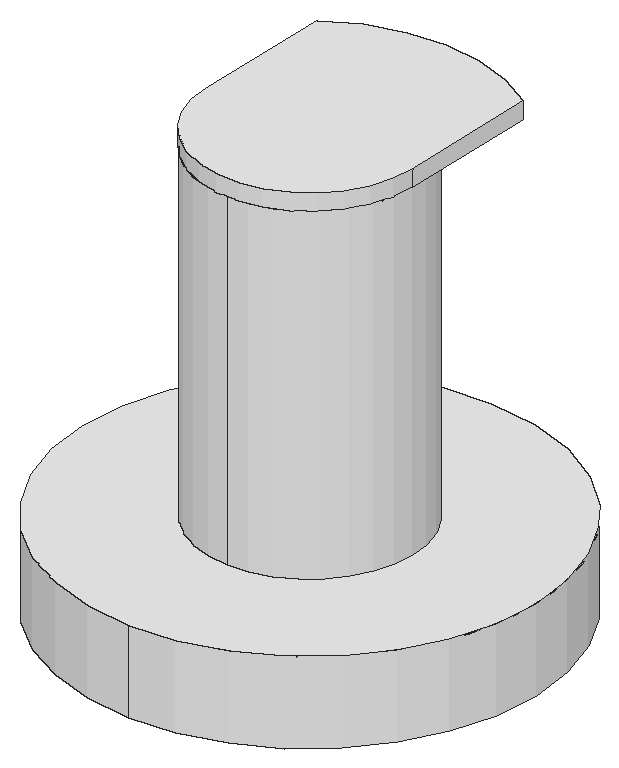
Revit family "KEUCO_14914010000_", category Generic Models, Revit 2016
Family settings
  Part Type = Normal
  Can host rebar = No
  Round Connector Dimension = Use Diameter
  Work Plane-Based = Yes
  Always vertical = No
  Cut with Voids When Loaded = No
  Shared = No
  Room Calculation Point = No
Parameters (values of type "14914010000")
  Verwendung = "BI / DU / GWC / WA / WP"  # constant formula
  URL = "https://www.keuco.com/de/produkte/sortiment/artikel/?pid=14914&oid=2&pgo=5&country=de&lang=de&vid=14914010000"
  Stange Breite = 50 mm
  Preisgruppe = ""
  Materialien bei Hersteller anfragen = "Anfrage zu:  objektmanagement@keuco.de"
  Kategorie = ""
  Gewicht = 0
  Description = "--"
  Default Elevation = 1219.2 mm
  Serie = "Plan"  # constant formula
  Material = Verchromt
  Manufacturer = "KEUCO"  # constant formula
  Assembly Code = ""
  Ausschreibungstext = "KEUCO PLAN Handtuchhaken 14914010000\r\nHochglanzverchromter Handtuchhaken \r\nin ästhetischem, funktionalem Design\r\nmit runder Rosettenkappe, Durchmesser 55 mm\r\nleicht zu reinigen\r\nAusladung 51 mm\r\nDer Handtuchhaken wird verdeckt angebracht\r\nLieferung inkl. korrosionsfreiem Befestigungsmaterial"
  Artikelnummer = "14914010000"
Types (4, lengths in mm): name | URL | Materialien bei Hersteller anfragen | Material | Ausschreibungstext | Artikelnummer
  (no name) | "https://www.keuco.com" | "Request to:  objektmanagement@keuco.de" | Verchromt | "" | "14914010000"
  14914010000 | "https://www.keuco.com/de/produkte/sortiment/artikel/?pid=14914&oid=2&pgo=5&country=de&lang=de&vid=14914010000" | "Anfrage zu:  objektmanagement@keuco.de" | Verchromt | "KEUCO PLAN Handtuchhaken 14914010000\r\nHochglanzverchromter Handtuchhaken \r\nin ästhetischem, funktionalem Design\r\nmit runder Rosettenkappe, Durchmesser 55 mm\r\nleicht zu reinigen\r\nAusladung 51 mm\r\nDer Handtuchhaken wird verdeckt angebracht\r\nLieferung inkl. korrosionsfreiem Befestigungsmaterial" | "14914010000"
  14914070000 | "https://www.keuco.com/de/produkte/sortiment/artikel/?pid=14914&oid=2&pgo=5&country=de&lang=de&vid=14914070000" | "Request to:  objektmanagement@keuco.de" | Edelstahl | "KEUCO PLAN Handtuchhaken 14914070000\r\nHandtuchhalter aus hochwertigem Edelstahl \r\nin ästhetischem, funktionalem Design \r\nmit runder Rosettenkappe, Durchmesser 55 mm\r\nleicht zu reinigen\r\nAusladung 51 mm\r\nDer Handtuchhaken wird verdeckt angebracht\r\nLieferung inkl. korrosionsfreiem Befestigungsmaterial" | "14914070000"
  14914170000 | "https://www.keuco.com/de/produkte/sortiment/artikel/?pid=14914&oid=2&pgo=5&country=de&lang=de&vid=14914170000" | "Request to:  objektmanagement@keuco.de" | Aluminium silber-eloxiert (E6 EV1) | "KEUCO PLAN Handtuchhaken 14914170000\r\nHandtuchhaken aus \r\nsilber-eloxiertem Aluminium (E6 EV1)/verchromt \r\nin ästhetischem, funktionalem Design \r\nmit runder Rosettenkappe, Durchmesser 55 mm\r\nhochglanzverchromtes Abschlussstück\r\nleicht zu reinigen\r\nAusladung 51 mm\r\nDer Handtuchhaken wird verdeckt angebracht\r\nLieferung inkl. korrosionsfreiem Befestigungsmaterial" | "14914170000"
Reference planes
  plane 1 "Center (Front/Back)": y = 0
  plane 2: z = 0
  plane 3 "Center (Left/Right)": x = 0
  plane 4: y = -700
  plane 5: z = 50
  plane 6: z = 52
Forms (mm)
  Extrusion 1, solid, material "Verchromt" <- "Material"
    sketch origin (0, 16.5, 20) x (0, 1, 0) y (-1, 0, 0)
      loop
        arc (-16.5, 12.5) -> (-29, 0) -> (-16.5, -12.5) r 12.5
        line (-16.5, -12.5) -> (0.175, -12.5)
        arc (0.175, -12.5) -> (4.091, 0) -> (0.175, 12.5) r 21.906
        line (0.175, 12.5) -> (-16.5, 12.5)
    from 30 to 32
  Extrusion 2, solid, material "Verchromt" <- "Material"
    sketch origin (0, 16.5, 20) x (0, 1, 0) y (-1, 0, 0)
      loop
        circle (-16.5, 0) r 12.5
    from -10 to 30
  Extrusion 3, solid, material "Verchromt" <- "Material"
    sketch origin (0, 16.5, 20) x (0, 1, 0) y (-1, 0, 0)
      loop
        circle (-16.5, 0) r 27.5
    from -20 to -10
Dimensions and locks
  "Stange Breite": plane 5 to plane 2
  plane 6 to plane 5 = 2 mm
  aligned and locked: level to plane 2
  aligned and locked: plane 6 to Extrusion 1
  aligned and locked: Extrusion 3 to plane 2
  aligned and locked: Extrusion 2 to Extrusion 3
  aligned and locked: plane 5 to Extrusion 2
  aligned and locked: Extrusion 1 to plane 5
Automatic sketch dimensions
  Extrusion 1 sketch curve to plane 3 "Center (Left/Right)" = 0 mm  (x2)
  plane 1 "Center (Front/Back)" to Extrusion 1 sketch curve = 0 mm
  Extrusion 1 sketch curve to Extrusion 1 sketch curve = 1.315 mm
  Extrusion 1 sketch curve to plane 1 "Center (Front/Back)" = 16.675 mm
  plane 3 "Center (Left/Right)" to Extrusion 1 sketch curve = 12.5 mm
  plane 1 "Center (Front/Back)" to Extrusion 2 sketch curve = 0 mm
  Extrusion 2 sketch curve to plane 3 "Center (Left/Right)" = 0 mm
  plane 1 "Center (Front/Back)" to Extrusion 3 sketch curve = 0 mm
  Extrusion 3 sketch curve to plane 3 "Center (Left/Right)" = 0 mm
  radius of Extrusion 2 sketch curve = 12.5 mm
  radius of Extrusion 3 sketch curve = 27.5 mm
